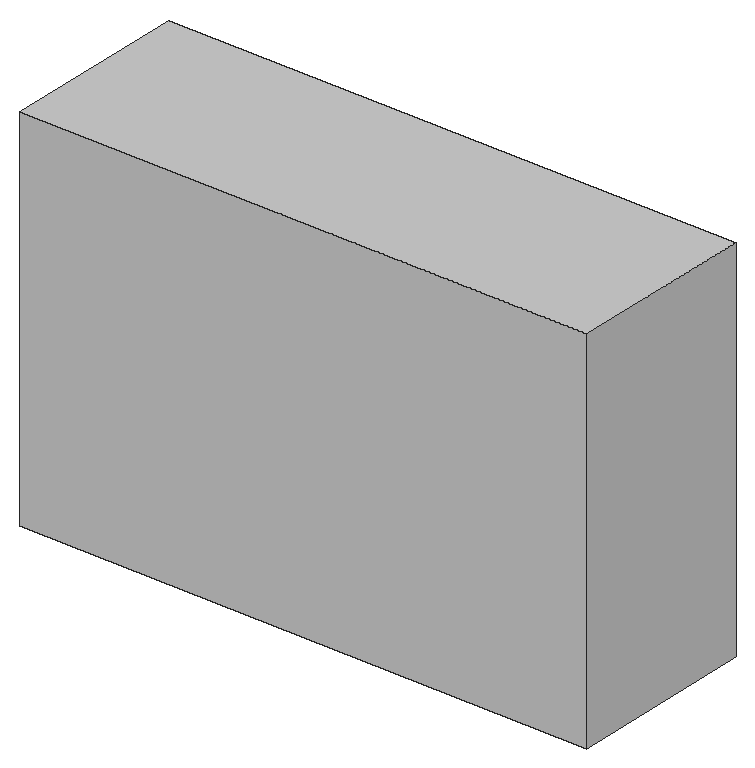
Revit family "Concrete Framing Rectangular", category Structural Framing, Revit 2015
Parameters (values of type "400x800mm")
  Structural Material [instance] = Concrete
  Assembly Code = ""
  Length [instance] = 1500 mm
  Width = 400 mm
  Height = 800 mm
Types (3, lengths in mm): name | Width | Height
  (no name) | 400 | 800
  400x800mm | 400 | 800
  300x600mm | 300 | 600
Reference planes
  plane 1 "Center (Front/Back)": y = 0
  plane 2: z = 0
  plane 3 "Center (Left/Right)": x = 4.61
  plane 4 "Member Left": x = -604.99
  plane 5 "Member Right": x = 614.21
  plane 6: y = 200
  plane 7: y = -200
  plane 8: z = 400
  plane 9 "Bottom": z = -400
  plane 10 "Left": x = -757.39
  plane 11 "Right": x = 742.61
Forms (mm)
  Sweep 1, solid, material "Concrete" <- "Structural Material"
    path origin (0, 0, 0) x (1, 0, 0) y (0, 1, 0)
      loop
        line (614.21, 0) -> (-604.99, 0)
    profile "M_Rectangular Beam-Profile : M_Rectangular Beam-Profile" origin (4.61, 0, 0) x (0, -1, 0) y (0, 0, 1)
      loop
        line (-200, -400) -> (200, -400) -> (200, 400) -> (-200, 400) -> (-200, -400)
Dimensions and locks
  "Width": plane 6 to plane 7
  equal spacing: plane 9 "Bottom", plane 2, plane 8
  equal spacing: plane 6, plane 1 "Center (Front/Back)", plane 7
  "Height": plane 9 "Bottom" to plane 8
  "Length": plane 10 "Left" to plane 11 "Right"
  aligned and locked: Sweep 1 sketch curve to plane 1 "Center (Front/Back)"
  aligned and locked: plane 4 "Member Left" to Sweep 1 sketch curve
  aligned and locked: plane 5 "Member Right" to Sweep 1 sketch curve
